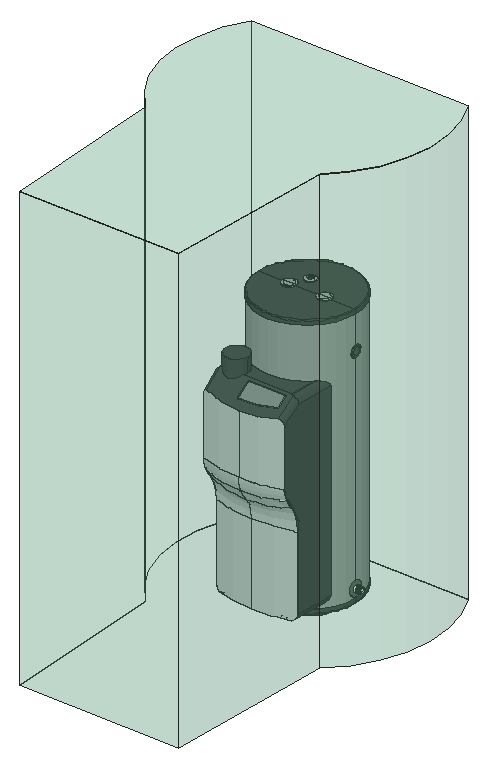
Revit family "Innovo  BENL_IR 12 160 BENL NAT", category Mechanical Equipment, Revit 2015
Parameters (values of type "IR-12-160 BENL NAT")
  Werkruimte Radius = Diameter + 170 mm  # 730 mm
  Werkruimte Hoogte = Hoogte + 1000 mm  # 2545 mm
  Werkruimte Afstand Voor = 1000 mm
  Werkruimte [instance] = yes
  Voorzorgsmaatregelen tijdens montage, installatie of onderhoud = "zie Gebruikers, Installatie, Service en Onderhouds handleiding"  # constant formula
  Voltage = 230 V  # constant formula
  Verpakkingslengte = 946 mm  # constant formula
  Verpakkingshoogte = 1695 mm
  Verpakkingsbreedte = 786 mm  # constant formula
  Uitsluitend werkend in daluren = no
  Uitschakeldruk LDS < = "115"
  Type aanduiding = "IR-12-200"
  Transportgewicht = 122 kg
  Totaal Gewicht = 322 kg
  Stilstandsverlies - dagelijks (24u) = 0 W
  Stilstandsverlies = 0 W
  Standaard Afgesteld op = "G31"
  Stand Regelthermostaat = 65 °C  # constant formula
  Soort Verpakking = "Karton en Hout"  # constant formula
  Slimme controlefunctie = no
  Setpoint thermostaat = 65 °C  # constant formula
  Seizoens Rendement (Hs) = [Rendement (Hs, vlgs. NEN-EN 89 - 1999)]  # 98
  Rendement (Hs, vlgs. NEN-EN 89 - 1999) = 98
  Rendement (Hi, vlgs. NEN-EN 89 - 1999) = 109
  Produktspecificaties Link = ""
  Produkthandleiding Link = ""
  Produkt Model Nummer (EAN-nummer) = "8717449285968"
  Onderhoudsinterval = "12 maanden"  # constant formula
  Nominale Belasting (Onderwaarde) = "10900.0"
  Nominale Belasting (Bovenwaarde) = "11800.0"
  Nominaal Vermogen = "11600.0"
  NOx-uitstoot mg/kWh = "23"
  NOx-uitstoot (lucht vrij, 0% O2) ppm = "14.0"
  Min. Stand Regelthermostaat = 40 °C  # constant formula
  Max. Werkdruk = 800000.0 Pa
  Max. Stand Regelthermostaat = 85 °C  # constant formula
  Max. Rookgastemperatuur = 45 °C
  Ledig Gewicht = 106 kg
  Kraan Hoogte 02 = if(and(Hoogte = 1745 mm, Diameter = 675 mm), 1518 mm, if(and(Hoogte = 1745 mm, Diameter = 610 mm), 1534 mm, if(Hoogte = 1545 mm, 1328 mm, 1070 mm)))  # 1328 mm
  Kraan Hoogte 01 = if(and(Diameter > 560 mm), 693 mm, 604 mm)  # 604 mm
  URL = "www.aosmith.be"
  Tapcapaciteit bij ΔT = 70°C  na 90 min. = 350.0 L
  Tapcapaciteit bij ΔT = 70°C  na 60 min. = 270.0 L
  Tapcapaciteit bij ΔT = 70°C  na 30 min. = 200.0 L
  Tapcapaciteit bij ΔT = 70°C  na 120 min. = 420.0 L
  Tapcapaciteit bij ΔT = 55°C  na 90 min. = 460.0 L
  Tapcapaciteit bij ΔT = 55°C  na 60 min. = 370.0 L
  Tapcapaciteit bij ΔT = 55°C  na 30 min. = 270.0 L
  Tapcapaciteit bij ΔT = 55°C  na 120 min. = 560.0 L
  Tapcapaciteit bij ΔT = 50°C  na 90 min. = 510.0 L
  Tapcapaciteit bij ΔT = 50°C  na 60 min. = 410.0 L
  Tapcapaciteit bij ΔT = 50°C  na 30 min. = 310.0 L
  Tapcapaciteit bij ΔT = 50°C na 120 min. = 610.0 L
  Tapcapaciteit bij ΔT = 44°C na 120 min. = 590.0 L
  Tapcapaciteit bij ΔT = 44°C  na 90 min. = 470.0 L
  Tapcapaciteit bij ΔT = 44°C  na 60 min. = 360.0 L
  Tapcapaciteit bij ΔT = 44°C  na 30 min. = 710.0 L
  Tapcapaciteit bij ΔT = 28°C na 90 min. = 950.0 L
  Tapcapaciteit bij ΔT = 28°C na 60 min. = 760.0 L
  Tapcapaciteit bij ΔT = 28°C na 30 min. = 580.0 L
  Tapcapaciteit bij ΔT = 28°C na 120 min. = 1200.0 L
  Tapcapaciteit Continu bij ΔT = 70°C = 150.0 L/s
  Tapcapaciteit Continu bij ΔT = 55°C = 190.0 L/s
  Tapcapaciteit Continu bij ΔT = 50°C = 210.0 L/s
  Tapcapaciteit Continu bij ΔT = 44°C = 240.0 L/s
  Tapcapaciteit Continu bij ΔT = 28°C = 370.0 L/s
  Opwarmtijd bij ΔT = 70°C = "65"
  Opwarmtijd bij ΔT = 55°C = "52"
  Opwarmtijd bij ΔT = 50°C = "47"
  Opwarmtijd bij ΔT = 44°C = "41"
  Opwarmtijd bij ΔT = 28°C = "27"
  Model = "IR-12-200 BENL LP"
  Manufacturer = "A.O. Smith Water Products Company b.v."  # constant formula
  Length = 780 mm  # constant formula
  Jaarlijks elektriciteitsverbruik (2) = "-"
  Jaarlijks elektriciteitsverbruik (1) = "40 kWh"
  Jaarlijks brandstofverbruik (2) = "-"
  Jaarlijks brandstofverbruik (1) = "16 GJ GCV"
  Isolatiedikte = 50 mm
  Installatie Typen = "B23/C13/C33/C43/C53/C63"  # constant formula
  Inhoud = 200.0 L
  Hoogte Warm Water Uitlaat = 1545 mm
  Hoogte Rookgasafvoer = 1305 mm
  Hoogte Lucht Inlaat = 1305 mm
  Hoogte Koud Water Inlaat = 170 mm
  Hoogte Gas Aansluiting = 860 mm
  Hoogte = 1545 mm
  Handelsmerk = "A.O. Smith"  # constant formula
  Geluidsniveau dB (A) = "<45"  # constant formula
  Geluidsniveau binnen = "41 dB"
  Gasverbruik - Volume ltr/hr = "n.v.t."
  Gasverbruik - Massa kg/h = "0.9"
  Gascategorie = "I2E(S)B"  # constant formula
  Gas Voordruk = "3700 Pa"
  Gas Aansluiting = 15"  # constant formula
  Garrantie op Tank = "36 maanden"  # constant formula
  Garrantie op Onderdelen = "12 maanden"  # constant formula
  Frequentie = 50 Hz  # constant formula
  Fase = 1
  Fabrikantnummer = "E 7110"  # constant formula
  Energie-efficiëntieklasse voor waterverwarming (2) = "-"
  Energie-efficiëntieklasse voor waterverwarming (1) = "A"  # constant formula
  Energie-efficiëntie voor waterverwarming (2) = "-"
  Energie-efficiëntie voor waterverwarming (1) = "94%"
  Elektrisch Vermogen (piek) = 85 W
  Elektrisch Vermogen (nominaal) = 25 W
  Diameter Schoorsteen - parallel systeem = "2x80"  # constant formula
  Diameter Schoorsteen - concentrisch systeem = "80/125 mm/mm"  # constant formula
  Diameter Schoorsteen - boiler = "80/125 mm/mm"  # constant formula
  Diameter = 560 mm
  Description = "Condenserende Hoog Rendementsboiler"  # constant formula
  Created By = "http://www.cadcompany.nl/"
  Capaciteitsprofiel = "XL"
  CO2-uitstoot (tol. +/- 1.0) vol% = "10.0"
  CE-PIN = "0063CQ3037"  # constant formula
  Breedte = Diameter  # 560 mm
  Bestemming / Land = "BelgIë"  # constant formula
  BIM Content Developer = "CAD & Company"  # constant formula
  Assembly Code = "D3010"
  Ander capaciteitsprofiel = "-"
  Aansluiting Warm Water = 3/4"
  Aansluiting T&P = 3/4"
  Aansluiting Koud Water = 3/4"  # constant formula
  Aansluiting Condensafvoer = 40 mm  # constant formula
  Aansluiting Aftapkraan = 3/4"  # constant formula
  2e Onderhoud (algeheel onderhoud) = "12 maanden na installatie"  # constant formula
  1e Onderhoud (check-up) = "3 maanden na installatie"  # constant formula
Reference planes
  plane 1 "Center (Front/Back)": y = 0
  plane 2: z = 0
  plane 3 "Center (Left/Right)": x = 0
  plane 4 "Pipe": through (-383.901, 912.349, 194.799) normal (-0.0879, -0.0879, 0.9923)
  plane 5 "footing": y = 118.925
  plane 6 "footing front": y = -237.85
  plane 7: x = -280
  plane 8: x = 280
  plane 9: z = 1545
Forms (mm)
  Revolve 1, solid, material "RAL 9005", detail levels medium+fine
    sketch origin (0, -237.85, 0) x (-1, 0, 0) y (0, 0, 1)
      loop
        line (0, 28.9) -> (-15, 28.9) -> (-15, 26.4) -> (-8.671, 26.4) -> (-8.671, 18) -> (-5.686, 18) -> (-6.626, 17.06) -> (-6.626, 12.06) -> (-8.671, 12.06) -> (-8.671, 10) -> (-10.031, 10) -> (-23.271, 5.181)
        arc (-23.271, 5.181) -> (-23.763, 4.836) -> (-24.017, 4.293) r 1.159
        line (-24.017, 4.293) -> (-24.017, 1.03)
        arc (-24.017, 1.03) -> (-23.715, 0.302) -> (-22.986, 0) r 1.03
        line (-22.986, 0) -> (0, 0) -> (0, 28.9)
      axis (0, 28.9) -> (0, 0)
    angle from 0 to 360
  Revolve 2, solid, material "RAL 9005", detail levels medium+fine
    sketch origin (0, 118.925, 0) x (-1, 0, 0) y (0, 0, 1)
      loop
        line (-180.984, 28.9) -> (-195.984, 28.9) -> (-195.984, 26.4) -> (-189.655, 26.4) -> (-189.655, 18) -> (-186.67, 18) -> (-187.61, 17.06) -> (-187.61, 12.06) -> (-189.655, 12.06) -> (-189.655, 10) -> (-191.015, 10) -> (-204.256, 5.181)
        arc (-204.256, 5.181) -> (-204.747, 4.836) -> (-205.001, 4.293) r 1.159
        line (-205.001, 4.293) -> (-205.001, 1.03)
        arc (-205.001, 1.03) -> (-204.699, 0.302) -> (-203.971, 0) r 1.03
        line (-203.971, 0) -> (-180.984, 0) -> (-180.984, 28.9)
      axis (-180.984, 28.9) -> (-180.984, 0)
    angle from 0 to 360
  Revolve 3, solid, material "RAL 9005", detail levels medium+fine
    sketch origin (0, 118.925, 0) x (-1, 0, 0) y (0, 0, 1)
      loop
        line (179.016, 28.9) -> (164.016, 28.9) -> (164.016, 26.4) -> (170.345, 26.4) -> (170.345, 18) -> (173.33, 18) -> (172.39, 17.06) -> (172.39, 12.06) -> (170.345, 12.06) -> (170.345, 10) -> (168.985, 10) -> (155.744, 5.181)
        arc (155.744, 5.181) -> (155.253, 4.836) -> (154.999, 4.293) r 1.159
        line (154.999, 4.293) -> (154.999, 1.03)
        arc (154.999, 1.03) -> (155.301, 0.302) -> (156.029, 0) r 1.03
        line (156.029, 0) -> (179.016, 0) -> (179.016, 28.9)
      axis (179.016, 28.9) -> (179.016, 0)
    angle from 0 to 360
Lines and regions (mm)
  symbolic lines
    curve 1: line (0, 280.06, 0) -> (0, -280.06, 0)
    curve 2: line (-255.06, 0, 0) -> (255.06, 0, 0)
  symbolic lines, style "Workspace"
    curve 3: line (623.261, 380.06, 0) -> (-623.261, 380.06, 0)
    curve 4: arc (-623.261, 380.06, 0) -> (-726.942, -66.745, 0) -> (-543.632, -487.2, 0) r 730
    curve 5: line (-543.632, -487.2, 0) -> (-396.783, -1492.825, 0)
    curve 6: line (-396.783, -1492.825, 0) -> (399.03, -1492.825, 0)
    curve 7: line (399.03, -1492.825, 0) -> (545.76, -484.816, 0)
    curve 8: arc (545.76, -484.816, 0) -> (727.087, -65.154, 0) -> (623.261, 380.06, 0) r 730
Dimensions and locks
  plane 5 "footing" to plane 1 "Center (Front/Back)" = 118.925 mm
  plane 1 "Center (Front/Back)" to plane 6 "footing front" = 237.85 mm
  "Diameter": plane 7 to plane 8
  equal spacing: plane 7, plane 3 "Center (Left/Right)", plane 8
  "Hoogte": plane 9 to plane 2
  "Werkruimte Afstand Voor": curve 6 to nested 3
  "Werkruimte Radius": radius of curve 4
  "Werkruimte Radius": radius of curve 8
  aligned and locked: level to plane 2
  aligned and locked: nested 3 to Revolve 1 sketch curve
  aligned and locked: plane 3 "Center (Left/Right)" to Revolve 1 sketch curve
  aligned and locked: nested 3 to plane 1 "Center (Front/Back)"
  aligned and locked: plane 3 "Center (Left/Right)" to nested 3
  aligned and locked: nested 1 to plane 8
  aligned and locked: nested 5 to plane 8
  aligned and locked: nested 2 to plane 7
  aligned and locked: nested 4 to plane 7
  aligned and locked: nested 7 to plane 7
  aligned and locked: nested 8 to plane 3 "Center (Left/Right)"
  aligned and locked: nested 8 to nested 3
  aligned and locked: curve 3 to nested 8
Automatic sketch dimensions
  Revolve 1 sketch curve to level = 0 mm
  plane 3 "Center (Left/Right)" to Revolve 1 sketch curve = 5.686 mm
  Revolve 1 sketch curve to Revolve 1 sketch curve = 0.94 mm  (x2)
  Revolve 1 sketch curve to Revolve 1 sketch curve = 2.046 mm  (x2)
  Revolve 1 sketch curve to Revolve 1 sketch curve = 1.359 mm
  Revolve 1 sketch curve to Revolve 1 sketch curve = 6.329 mm
  level to Revolve 1 sketch curve = 4.091 mm
  Revolve 1 sketch curve to Revolve 1 sketch curve = 12.844 mm
  level to Revolve 1 sketch curve = 1.03 mm
  Revolve 1 sketch curve to Revolve 1 sketch curve = 0.111 mm
  level to Revolve 1 sketch curve = 5.181 mm
  Revolve 1 sketch curve to Revolve 1 sketch curve = 0.745 mm
  level to Revolve 1 sketch curve = 10 mm
  Revolve 1 sketch curve to Revolve 1 sketch curve = 2.06 mm
  Revolve 1 sketch curve to Revolve 1 sketch curve = 5 mm
  Revolve 1 sketch curve to Revolve 1 sketch curve = 8.4 mm
  Revolve 1 sketch curve to Revolve 1 sketch curve = 2.5 mm
  Revolve 1 sketch curve to level = 19.635 mm
  Revolve 1 sketch curve to Revolve 1 sketch curve = 46.465 mm
  Revolve 2 sketch curve to level = 0 mm
  level to Revolve 2 sketch curve = 1.03 mm
  Revolve 2 sketch curve to plane 8 = 74.999 mm
  level to Revolve 2 sketch curve = 5.181 mm
  Revolve 2 sketch curve to Revolve 2 sketch curve = 0.745 mm
  Revolve 2 sketch curve to Revolve 2 sketch curve = 0.397 mm
  Revolve 2 sketch curve to Revolve 2 sketch curve = 8.271 mm
  Revolve 2 sketch curve to Revolve 2 sketch curve = 13.241 mm
  Revolve 2 sketch curve to Revolve 2 sketch curve = 1.359 mm
  Revolve 2 sketch curve to Revolve 2 sketch curve = 6.329 mm
  Revolve 2 sketch curve to Revolve 2 sketch curve = 2.046 mm
  level to Revolve 2 sketch curve = 18 mm
  Revolve 2 sketch curve to Revolve 2 sketch curve = 0.94 mm  (x2)
  Revolve 2 sketch curve to Revolve 2 sketch curve = 8.671 mm
  Revolve 2 sketch curve to Revolve 2 sketch curve = 1.089 mm
  Revolve 2 sketch curve to Revolve 2 sketch curve = 8 mm
  Revolve 2 sketch curve to Revolve 2 sketch curve = 2.06 mm
  Revolve 2 sketch curve to Revolve 2 sketch curve = 8.4 mm
  Revolve 2 sketch curve to Revolve 2 sketch curve = 2.5 mm
  Revolve 2 sketch curve to Revolve 2 sketch curve = 0 mm
  Revolve 2 sketch curve to level = 19.635 mm
  Revolve 2 sketch curve to Revolve 2 sketch curve = 46.465 mm
  Revolve 3 sketch curve to level = 0 mm
  level to Revolve 3 sketch curve = 1.03 mm
  Revolve 3 sketch curve to plane 7 = 125.001 mm
  level to Revolve 3 sketch curve = 5.181 mm
  Revolve 3 sketch curve to Revolve 3 sketch curve = 0.745 mm
  Revolve 3 sketch curve to Revolve 3 sketch curve = 0.397 mm
  Revolve 3 sketch curve to Revolve 3 sketch curve = 8.271 mm
  Revolve 3 sketch curve to Revolve 3 sketch curve = 13.241 mm
  Revolve 3 sketch curve to Revolve 3 sketch curve = 1.359 mm
  Revolve 3 sketch curve to Revolve 3 sketch curve = 6.329 mm
  Revolve 3 sketch curve to Revolve 3 sketch curve = 2.046 mm
  level to Revolve 3 sketch curve = 18 mm
  Revolve 3 sketch curve to Revolve 3 sketch curve = 0.94 mm  (x2)
  Revolve 3 sketch curve to Revolve 3 sketch curve = 8.671 mm
  Revolve 3 sketch curve to Revolve 3 sketch curve = 1.089 mm
  Revolve 3 sketch curve to Revolve 3 sketch curve = 8 mm
  Revolve 3 sketch curve to Revolve 3 sketch curve = 2.06 mm
  Revolve 3 sketch curve to Revolve 3 sketch curve = 8.4 mm
  Revolve 3 sketch curve to Revolve 3 sketch curve = 2.5 mm
  Revolve 3 sketch curve to Revolve 3 sketch curve = 0 mm
  Revolve 3 sketch curve to level = 19.635 mm
  Revolve 3 sketch curve to Revolve 3 sketch curve = 46.465 mm
  curve 4 to curve 8 = 0 mm  (x2)
  plane 1 "Center (Front/Back)" to curve 2 = 0 mm
  curve 1 to plane 3 "Center (Left/Right)" = 0 mm
  plane 1 "Center (Front/Back)" to curve 4 = 0 mm
  curve 4 to plane 3 "Center (Left/Right)" = 0 mm
  curve 5 to plane 6 "footing front" = 249.35 mm
  plane 7 to curve 5 = 116.783 mm
  plane 8 to curve 7 = 119.03 mm
  curve 7 to plane 6 "footing front" = 246.966 mm
  curve 2 to plane 7 = 24.94 mm
  curve 2 to plane 8 = 24.94 mm
  curve 1 to plane 6 "footing front" = 42.21 mm
  plane 5 "footing" to curve 1 = 161.135 mm
Nested families
  nested 1: "Valve" at (280, -0.38, 1328) x (0, 1, 0) z (0, 0, 1), built-in parameter 1001364 <- "Kraan Hoogte 02", type "Valve"
  nested 2: "Drain Valve" at (-280, 0, 1328), built-in parameter 1001364 <- "Kraan Hoogte 02", type "Drain Valve"
  nested 3: "Housing Mother Housing S 57 (external)" at (0, -274.886, 0), type "Housing Mother_Housing S_57"
  nested 4: "Drain Valve" at (-280, 0, 177), type "Drain Valve"
  nested 5: "Drain Valve" at (280, 0, 107) x (-1, 0, 0) z (0, 0, 1), type "Drain Valve"
  nested 6: "Boiler" at (0, 0, 0), height <- "Hoogte", type "Boiler"
    with height 1545 mm
  nested 7: "Drain Valve" at (-280, 0, 604), built-in parameter 1001364 <- "Kraan Hoogte 01", type "Drain Valve"
  nested 8: "Innovo_workspace" at (0, 0, 0), Workspace <- "Werkruimte", Workspace Distance Front <- "Werkruimte Afstand Voor", Workspace Height <- "Werkruimte Hoogte", Workspace Radius <- "Werkruimte Radius", type "Workspace"
    with Workspace Radius 730 mm, Workspace Height 2545 mm, Workspace Distance Front 1000 mm, Workspace yes, Center to Front 492.825 mm
Connectors
  piping at (314.826, 0, 107), diameter 19.05, driven by "Aansluiting Aftapkraan"
    settings: on nested 5, index 1, connector inside diameter 24", connector length 0 mm, flow factor 0, pipe flow 0.0 L/s, pressure drop 0.0 Pa, fitting loss kfactor 0, connector angle 0.00°, fixture units 0, engagement length 0 mm, angle of deflection 0.00°, flow configuration 0, flow direction 0, fitting loss method 0, system type 19, joint type 0, gender type 0, connector reference index -1, connector utility 0, adjustable connector no, is connector primary yes, connector description ""
  hvac at (-147.013, -321.326, 1310.674)
    settings: on nested 3, index 2, duct flow 0.0 L/s, flow factor 0, pres drop 0.0 Pa, loss coef 0, conn angle 0.00°, conn width 304.8 mm, conn height 304.8 mm, conn diameter 125 mm, duct sys type 4, conn prof type 0, flow config 0, flow direction 0, loss method 0, conn ref index -1, conn util no, is conn primary yes, conn desc ""
Definition of nested family "Valve"
  Parameters (values of type "Valve")
    Type Comments = "T&P valve (internal)"
    Manufacturer = "A.O. Smith"
  Reference planes
    plane 1 "Center (Front/Back)": y = 0
    plane 2: z = 0
    plane 3 "Center (Left/Right)": x = 0
  Forms (mm)
    Extrusion 1, solid, detail levels fine
      sketch origin (0, 0, 0) x (1, 0, 0) y (0, 0, 1)
        loop
          circle (0, 0) r 31.5
      from -2.271 to 1.4
    Sweep 2, solid, detail levels fine
      path origin (0, -1.4, 0) x (1, 0, 0) y (0, 0, 1)
        loop
          circle (0, 0) r 31.5
      profile origin (0, -1.4, 31.5) x (0, 0, -1) y (0, -1, 0)
        loop
          line (7.3, 0) -> (7.3, 3) -> (0, 0) -> (7.3, 0)
  Dimensions and locks
    aligned and locked: level to plane 2
Definition of nested family "Drain Valve"
  Reference planes
    plane 1 "Center (Front/Back)": y = 0
    plane 2: z = 0
    plane 3 "Center (Left/Right)": x = 0
  Forms (mm)
    Revolve 1, solid, detail levels medium+fine
      sketch origin (0, 0, 0) x (1, 0, 0) y (0, 0, 1)
        loop
          line (-33.442, 15.696) -> (-34.826, 14.329) -> (-34.93, 12.731) -> (-16.555, 12.731) -> (-16.555, 0) -> (15.787, 0) -> (15.787, 18.3) -> (-14.4, 18.3) -> (-17.148, 15.533) -> (-18.729, 16.697) -> (-20.091, 15.333) -> (-21.672, 16.496) -> (-23.034, 15.133) -> (-24.614, 16.296) -> (-25.976, 14.932) -> (-27.557, 16.096) -> (-28.919, 14.732) -> (-30.5, 15.896) -> (-31.862, 14.532) -> (-33.442, 15.696)
        axis (-34.93, 0) -> (15.787, 0)
      angle from 0 to 360
  Dimensions and locks
    aligned and locked: level to plane 2
  Nested families
    nested 1: "Rubber sealing" at (2.592, -0.155, 0) x (0.0023, -1, 0) z (0, 0, 1), type "Rubber sealing", detail levels fine
  Definition of nested family "Rubber sealing"
    Reference planes
      plane 1 "Center (Front/Back)": y = 0
      plane 2: z = 0
      plane 3 "Center (Left/Right)": x = 0
    Forms (mm)
      Extrusion 1, solid, detail levels fine
        sketch origin (141.861, 319.581, 0) x (1, 0, 0) y (0, 1, 0)
          loop
            line (-216.354, -311.898) -> (-216.354, -313.94)
            arc (-216.354, -313.94) -> (-141.602, -321.581) -> (-66.861, -313.835) r 366.966
            line (-66.861, -313.835) -> (-66.861, -311.791)
            arc (-66.861, -311.791) -> (-141.602, -319.581) -> (-216.354, -311.898) r 364.966
        from -80 to 80
      Extrusion 2, void
        sketch origin (141.861, 319.581, 0) x (1, 0, 0) y (0, 0, 1)
          loop
            circle (-141.861, 0) r 13
          loop
            circle (-141.861, 0) r 110
          loop
            circle (-141.861, 0) r 40
        from 311.563 to 332.684
      Extrusion 3, void
        sketch origin (141.861, 319.581, 0) x (1, 0, 0) y (0, 0, 1)
          loop
            circle (-141.861, 0) r 18.25
        from 315.524 to 326.084
    Cuts and joins
      Extrusion 2, Extrusion 3 cuts Extrusion 1
    Dimensions and locks
      aligned and locked: level to plane 2
Definition of nested family "Housing Mother Housing S 57 (external)"
  Parameters (values of type "Housing Mother_Housing S_57")
    radius [instance] = 280 mm
    distance to boiler center = if(diameter = 675 mm, 189 mm, if(diameter = 610 mm, 154 mm, 129 mm))  # 129 mm
    diameter = 560 mm
  Reference planes
    plane 1 "Center (Front/Back)": y = 0
    plane 2: z = 0
    plane 3 "Center (Left/Right)": x = 0
    plane 4 "left": through (-245.286, 145.886, 1200) normal (0.9994, 0.0349, 0)
    plane 5: y = -217.939
    plane 6: y = 145.886
    plane 7: z = 1232.6
    plane 8: z = 65.89
    plane 9 "right": through (245.286, 145.886, 1200) normal (0.9994, -0.0349, 0)
    plane 10 "display": through (0, -90.37, 1221.196) normal (0, -0.5736, 0.8192)
    plane 11 "Potentiostat": z = 867.899
    plane 12 "boiler center": y = 274.886
    plane 13: x = -280
    plane 14: x = 280
  Forms (mm)
    Extrusion 1, solid
      sketch origin (0, 0, 0) x (1, 0, 0) y (0, 1, 0)
        loop
          line (-245.286, 145.886) -> (-232.581, -217.939) -> (232.581, -217.939) -> (245.286, 145.886)
          arc (245.286, 145.886) -> (0, 0.923) -> (-245.286, 145.886) r 280
      from 0 to 1232.6
    Sweep 2, void
      path origin (0, 0, 0) x (0, 1, 0) y (0, 0, 1)
        loop
          line (-217.939, 1232.6) -> (-217.939, 795.555)
          arc (-217.939, 795.555) -> (-212.387, 754.285) -> (-197.694, 715.322) r 183.924
          arc (-197.694, 715.322) -> (-179.915, 684.628) -> (-159.106, 655.901) r 348.284
          arc (-159.106, 655.901) -> (-131.411, 600.328) -> (-121.88, 538.973) r 202.254
          line (-121.88, 538.973) -> (-121.88, 61.106)
      profile origin (0, -217.939, 1014.077) x (1, 0, 0) y (0, 1, 0)
        loop
          arc (0, 0) -> (-117.533, 9.941) -> (-231.728, 39.475) r 699.984
          arc (-231.728, 39.475) -> (-233.391, 40.705) -> (-234.07, 42.659) r 3.505
          line (-234.07, 42.659) -> (-254.062, 42.659) -> (-254.062, -142.593) -> (254.07, -142.593) -> (254.07, 42.659) -> (234.07, 42.659)
          arc (234.07, 42.659) -> (233.391, 40.705) -> (231.728, 39.475) r 3.505
          arc (231.728, 39.475) -> (117.533, 9.941) -> (0, 0) r 699.984
    Extrusion 3, void
      sketch origin (0, 0, 0) x (0, 1, 0) y (0, 0, 1)
        loop
          arc (102.864, 70.869) -> (99.804, 70.709) -> (96.874, 69.813) r 12.57
          arc (96.874, 69.813) -> (87.878, 66.533) -> (78.516, 64.529) r 69.114
          arc (78.516, 64.529) -> (76.41, 64.284) -> (74.294, 64.148) r 41.206
          arc (74.294, 64.148) -> (65.203, 64.335) -> (56.122, 64.782) r 318.661
          arc (56.122, 64.782) -> (30.585, 66.179) -> (5.028, 67.128) r 1456.581
          line (5.028, 67.128) -> (-84.534, 73.135)
          arc (-84.534, 73.135) -> (-86.363, 73.808) -> (-87.536, 75.365) r 3.455
          line (-87.536, 75.365) -> (-264.473, 75.365) -> (-264.473, 0) -> (160.886, 0) -> (160.886, 103.945) -> (145.886, 103.945)
          arc (145.886, 103.945) -> (145.104, 97.827) -> (142.923, 92.059) r 26.364
          arc (142.923, 92.059) -> (141.067, 88.936) -> (138.867, 86.045) r 31.715
          arc (138.867, 86.045) -> (135.576, 82.49) -> (132.021, 79.2) r 62.615
          arc (132.021, 79.2) -> (125.841, 74.697) -> (119.091, 71.103) r 54.444
          arc (119.091, 71.103) -> (116.371, 70.272) -> (113.531, 70.123) r 11.669
          line (113.531, 70.123) -> (102.864, 70.869)
      from -254.062 to 254.07
    Sweep 4, void
      path origin (0, 0, 0) x (1, 0, 0) y (0, 1, 0)
        loop
          line (-245.286, 145.886) -> (-232.581, -217.939)
      profile origin (-238.933, -36.027, 0) x (0.999391, 0.034899, 0) y (0, 0, 1)
        loop
          line (-4.454, 0) -> (47.084, 0) -> (47.084, 73.431)
          arc (47.084, 73.431) -> (14.222, 85.134) -> (0.255, 117.1) r 43.922
          line (0.255, 117.1) -> (-4.454, 117.1) -> (-4.454, 0)
    Sweep 5, void
      path origin (0, 0, 0) x (-1, 0, 0) y (0, 1, 0)
        loop
          line (-245.286, 145.886) -> (-232.581, -217.939)
      profile origin (238.933, -36.027, 0) x (0.999391, -0.034899, 0) y (0, 0, 1)
        loop
          line (4.454, 0) -> (4.454, 117.1) -> (-0.255, 117.1)
          arc (-0.255, 117.1) -> (-14.222, 85.134) -> (-47.084, 73.431) r 43.922
          line (-47.084, 73.431) -> (-47.084, 0) -> (4.454, 0)
    Sweep 6, void
      path origin (-239.899, -8.377, 0) x (-0.034899, 0.999391, 0) y (0, 0, 1)
        loop
          line (-209.69, 1141.272) -> (-79.18, 1232.6) -> (154.358, 1232.6)
      profile origin (-241.211, 29.188, 1232.6) x (0, 0, 1) y (0.999391, 0.034899, 0)
        loop
          line (-45, -30) -> (75, -30) -> (75, 0) -> (75, 55) -> (2.799, 55) -> (-1.253, 35.128)
          arc (-1.253, 35.128) -> (-16.771, 9.564) -> (-45, -0.308) r 44.287
          line (-45, -0.308) -> (-45, -30)
    Sweep 7, void
      path origin (239.899, -8.377, 0) x (0.034899, 0.999391, 0) y (0, 0, 1)
        loop
          line (-209.69, 1141.272) -> (-79.18, 1232.6) -> (154.358, 1232.6)
      profile origin (241.211, 29.188, 1232.6) x (0, 0, -1) y (-0.999391, 0.034899, 0)
        loop
          line (-75, -25) -> (45, -25) -> (45, -0.308)
          arc (45, -0.308) -> (16.771, 9.564) -> (1.253, 35.128) r 44.287
          line (1.253, 35.128) -> (-2.799, 55) -> (-75, 55) -> (-75, -25)
    Extrusion 8, void
      sketch origin (0, 0, 0) x (0, 1, 0) y (0, 0, 1)
        loop
          line (-270, 1336.099) -> (-270, 1099.081) -> (68.497, 1336.099) -> (-270, 1336.099)
      from -425.038 to 444.42
    Extrusion 9, solid, detail levels medium+fine
      sketch origin (0, 0, 0) x (1, 0, 0) y (0, 1, 0)
        loop
          circle (-147.013, -46.44) r 65
      from 1163.174 to 1310.674
    Extrusion 10, void
      sketch origin (0, -603.506, 861.895) x (0, 0.819152, 0.573576) y (-1, 0, 0)
        loop
          arc (618.322, -173) -> (623.272, -170.95) -> (625.322, -166) r 7
          line (625.322, -166) -> (625.322, 35)
          arc (625.322, 35) -> (623.272, 39.95) -> (618.322, 42) r 7
          line (618.322, 42) -> (535.473, 42)
          arc (535.473, 42) -> (530.688, 40.11) -> (528.488, 35.46) r 7
          arc (528.488, 35.46) -> (531.569, -67.592) -> (554.18, -168.18) r 540
          arc (554.18, -168.18) -> (556.724, -171.668) -> (560.831, -173) r 7
          line (560.831, -173) -> (618.322, -173)
      from 0 to 137.286
    Sweep 11, solid, detail levels fine
      path origin (0, 0, 867.899) x (-1, 0, 0) y (0, -1, 0)
        loop
          line (309.749, -35.617) -> (204.371, -35.617)
          arc (204.371, -35.617) -> (196.509, -34.687) -> (189.082, -31.947) r 33.677
          line (189.082, -31.947) -> (-9.574, 69.274)
      profile origin (-257.06, 35.617, 867.899) x (0, 1, 0) y (0, 0, 1)
        loop
          circle (0, 0) r 7.316
        loop
          circle (0, 0) r 6.465
    Revolve 12, void
      sketch origin (0, 274.886, 0) x (-1, 0, 0) y (0, 0, 1)
        loop
          line (280, 1243.838) -> (0, 1243.838) -> (0, 54.9) -> (280, 54.9) -> (280, 1243.838)
        axis (0, 1243.838) -> (0, 54.9)
      angle from 0 to 360
  Cuts and joins
    Sweep 2, Extrusion 3, Sweep 4, Sweep 5, Sweep 6, Sweep 7, Extrusion 8, Extrusion 10, Revolve 12 cuts Extrusion 1
  Dimensions and locks
    plane 8 to plane 2 = 65.89 mm
    plane 7 to plane 8 = 1166.71 mm
    "distance to boiler center": plane 12 "boiler center" to plane 6
    "diameter": plane 14 to plane 13
    equal spacing: plane 14, plane 3 "Center (Left/Right)", plane 13
    "radius": plane 3 "Center (Left/Right)" to plane 13
    aligned and locked: level to plane 2
    aligned and locked: Extrusion 1 to plane 7
    aligned and locked: Extrusion 1 sketch curve to plane 5
    aligned and locked: Sweep 2 to Extrusion 3
    aligned and locked: Extrusion 3 to Sweep 2  (x2)
    aligned and locked: plane 7 to Sweep 2 sketch curve
    aligned and locked: plane 3 "Center (Left/Right)" to Revolve 12 sketch curve
    aligned and locked: Revolve 12 sketch curve to plane 3 "Center (Left/Right)"
    aligned and locked: plane 13 to Revolve 12 sketch curve
  Automatic sketch dimensions
    Extrusion 1 sketch curve to plane 4 "left" = 0 mm  (x2)
    Extrusion 1 sketch curve to plane 6 = 0 mm  (x2)
    Extrusion 1 sketch curve to plane 3 "Center (Left/Right)" = 0 mm
    Extrusion 1 sketch curve to plane 9 "right" = 0 mm
    plane 6 to Extrusion 1 sketch curve = 135.037 mm
    Sweep 2 sketch curve to plane 5 = 0 mm
    plane 5 to Sweep 2 sketch curve = 106.195 mm
    Sweep 2 sketch curve to plane 5 = 96.059 mm
    plane 1 "Center (Front/Back)" to Sweep 2 sketch curve = 34.053 mm
    plane 11 "Potentiostat" to Sweep 2 sketch curve = 6.417 mm
    Sweep 2 sketch curve to plane 6 = 33.705 mm
    Sweep 2 sketch curve to plane 11 "Potentiostat" = 68.615 mm
    Sweep 2 sketch curve to plane 11 "Potentiostat" = 72.345 mm
    Sweep 2 sketch curve to Sweep 2 sketch curve = 176.349 mm
    Sweep 2 sketch curve to Sweep 2 sketch curve = 0 mm  (x2)
    plane 8 to Sweep 2 sketch curve = 4.784 mm
    Extrusion 3 sketch curve to level = 0 mm
    Extrusion 3 sketch curve to plane 6 = 0 mm
    Extrusion 3 sketch curve to plane 6 = 26.363 mm
    Extrusion 3 sketch curve to Extrusion 3 sketch curve = 4.75 mm
    Extrusion 3 sketch curve to Extrusion 3 sketch curve = 5.179 mm
    Extrusion 3 sketch curve to plane 8 = 4.232 mm
    Extrusion 3 sketch curve to Extrusion 3 sketch curve = 0.814 mm
    Extrusion 3 sketch curve to plane 8 = 4.978 mm
    Extrusion 3 sketch curve to Extrusion 3 sketch curve = 10.667 mm
    Extrusion 3 sketch curve to Extrusion 3 sketch curve = 0.877 mm
    Extrusion 3 sketch curve to Extrusion 3 sketch curve = 17.827 mm
    Extrusion 3 sketch curve to Extrusion 3 sketch curve = 5.646 mm
    Extrusion 3 sketch curve to plane 6 = 69.562 mm
    Extrusion 3 sketch curve to Extrusion 3 sketch curve = 18.6 mm
    Extrusion 3 sketch curve to Extrusion 3 sketch curve = 22.538 mm
    Extrusion 3 sketch curve to plane 8 = 1.238 mm
    Extrusion 3 sketch curve to plane 1 "Center (Front/Back)" = 5.028 mm
    plane 1 "Center (Front/Back)" to Extrusion 3 sketch curve = 36.224 mm
    Extrusion 3 sketch curve to plane 8 = 10.692 mm
    plane 1 "Center (Front/Back)" to Extrusion 3 sketch curve = 84.302 mm
    Extrusion 3 sketch curve to plane 8 = 7.244 mm
    Extrusion 3 sketch curve to Extrusion 3 sketch curve = 0.231 mm
    Extrusion 3 sketch curve to Extrusion 3 sketch curve = 3.234 mm
    plane 5 to Extrusion 3 sketch curve = 46.534 mm
    plane 6 to Extrusion 3 sketch curve = 15 mm
    Extrusion 3 sketch curve to level = 1388.869 mm
    plane 8 to Extrusion 3 sketch curve = 7.561 mm
    Extrusion 3 sketch curve to Extrusion 3 sketch curve = 11.64 mm
    Extrusion 3 sketch curve to plane 8 = 38.054 mm
    Extrusion 3 sketch curve to Extrusion 3 sketch curve = 22.442 mm
    Extrusion 3 sketch curve to plane 8 = 39.432 mm
    Extrusion 3 sketch curve to Extrusion 3 sketch curve = 2.466 mm
    Extrusion 3 sketch curve to Extrusion 3 sketch curve = 14.17 mm
    Extrusion 3 sketch curve to Extrusion 3 sketch curve = 5.925 mm
    Extrusion 3 sketch curve to Extrusion 3 sketch curve = 6.186 mm
    Extrusion 3 sketch curve to Extrusion 3 sketch curve = 249.85 mm
    Extrusion 3 sketch curve to Extrusion 3 sketch curve = 0 mm  (x4)
    Extrusion 3 sketch curve to Extrusion 3 sketch curve = 6.845 mm
    plane 8 to Extrusion 3 sketch curve = 1.743 mm
    Sweep 4 sketch curve to plane 4 "left" = 0 mm  (x2)
    Sweep 4 sketch curve to plane 6 = 0 mm
    plane 5 to Sweep 4 sketch curve = 0 mm
    Sweep 4 sketch curve to level = 0 mm
    profile plane to Sweep 4 sketch curve = 4.454 mm
    Sweep 4 sketch curve to profile plane = 0.255 mm
    Sweep 4 sketch curve to Sweep 4 sketch curve = 43.922 mm
    Sweep 4 sketch curve to profile plane = 47.084 mm
    level to Sweep 4 sketch curve = 73.431 mm
    Sweep 4 sketch curve to Sweep 4 sketch curve = 43.669 mm
    Sweep 5 sketch curve to plane 6 = 0 mm
    Sweep 5 sketch curve to plane 9 "right" = 0 mm  (x2)
    plane 5 to Sweep 5 sketch curve = 0 mm
    Sweep 5 sketch curve to level = 0 mm
    profile plane to Sweep 5 sketch curve = 47.084 mm
    Sweep 5 sketch curve to Sweep 5 sketch curve = 2.907 mm
    profile plane to Sweep 5 sketch curve = 0.255 mm
    Sweep 5 sketch curve to profile plane = 4.454 mm
    level to Sweep 5 sketch curve = 73.431 mm
    Sweep 5 sketch curve to Sweep 5 sketch curve = 43.669 mm
    Sweep 6 sketch curve to plane 7 = 0 mm
    plane 7 to Sweep 6 sketch curve = 91.328 mm
    Sweep 6 sketch curve to Sweep 6 sketch curve = 130.509 mm
    Sweep 6 sketch curve to Sweep 6 sketch curve = 233.538 mm
    Sweep 6 sketch curve to plane 4 "left" = 0 mm
    profile plane to Sweep 6 sketch curve = 45 mm
    Sweep 6 sketch curve to Sweep 6 sketch curve = 0.354 mm
    profile plane to Sweep 6 sketch curve = 1.253 mm
    Sweep 6 sketch curve to profile plane = 2.799 mm
    Sweep 6 sketch curve to Sweep 6 sketch curve = 72.201 mm
    Sweep 6 sketch curve to plane 4 "left" = 0.308 mm
    Sweep 6 sketch curve to Sweep 6 sketch curve = 29.692 mm
    plane 4 "left" to Sweep 6 sketch curve = 35.128 mm
    plane 4 "left" to Sweep 6 sketch curve = 55 mm
    Sweep 7 sketch curve to plane 7 = 0 mm
    Sweep 7 sketch curve to plane 7 = 91.328 mm
    Sweep 7 sketch curve to Sweep 7 sketch curve = 130.509 mm
    Sweep 7 sketch curve to Sweep 7 sketch curve = 233.538 mm
    Sweep 7 sketch curve to plane 9 "right" = 25 mm
    profile plane to Sweep 7 sketch curve = 75 mm
    profile plane to Sweep 7 sketch curve = 2.799 mm
    Sweep 7 sketch curve to profile plane = 1.253 mm
    Sweep 7 sketch curve to Sweep 7 sketch curve = 43.393 mm
    Sweep 7 sketch curve to profile plane = 45 mm
    Sweep 7 sketch curve to plane 9 "right" = 0.308 mm
    plane 9 "right" to Sweep 7 sketch curve = 35.128 mm
    Sweep 7 sketch curve to Sweep 7 sketch curve = 19.872 mm
    plane 5 to Extrusion 8 sketch curve = 52.061 mm
    Extrusion 8 sketch curve to plane 1 "Center (Front/Back)" = 68.497 mm
    plane 7 to Extrusion 8 sketch curve = 133.519 mm
    Extrusion 8 sketch curve to plane 7 = 103.499 mm
    plane 1 "Center (Front/Back)" to Extrusion 9 sketch curve = 46.44 mm
    Extrusion 9 sketch curve to plane 3 "Center (Left/Right)" = 147.013 mm
    Extrusion 10 sketch curve to plane 3 "Center (Left/Right)" = 0 mm
    Extrusion 10 sketch curve to plane 3 "Center (Left/Right)" = 35 mm
    Extrusion 10 sketch curve to Extrusion 10 sketch curve = 25.359 mm
    Extrusion 10 sketch curve to Extrusion 10 sketch curve = 57.491 mm
    Extrusion 10 sketch curve to plane 3 "Center (Left/Right)" = 42 mm
    Extrusion 10 sketch curve to Extrusion 10 sketch curve = 82.85 mm
    Extrusion 10 sketch curve to Extrusion 10 sketch curve = 7 mm
    Extrusion 10 sketch curve to Extrusion 10 sketch curve = 442 mm
    plane 3 "Center (Left/Right)" to Extrusion 10 sketch curve = 166 mm
    Extrusion 10 sketch curve to Extrusion 10 sketch curve = 0 mm  (x2)
    Sweep 11 sketch curve to plane 1 "Center (Front/Back)" = 31.947 mm
    Sweep 11 sketch curve to plane 3 "Center (Left/Right)" = 189.082 mm
    Sweep 11 sketch curve to plane 1 "Center (Front/Back)" = 1.94 mm
    Sweep 11 sketch curve to Sweep 11 sketch curve = 15.289 mm
    plane 3 "Center (Left/Right)" to Sweep 11 sketch curve = 9.574 mm
    Sweep 11 sketch curve to Sweep 11 sketch curve = 105.378 mm
    plane 1 "Center (Front/Back)" to Sweep 11 sketch curve = 69.274 mm
    Sweep 11 sketch curve to Sweep 11 sketch curve = 0 mm  (x2)
    Sweep 11 sketch curve to plane 11 "Potentiostat" = 0 mm
    Sweep 11 sketch curve to profile plane = 0 mm
    plane 8 to Revolve 12 sketch curve = 10.99 mm
    Revolve 12 sketch curve to plane 7 = 11.238 mm
    Revolve 12 sketch curve to level = 366.045 mm
    Revolve 12 sketch curve to Revolve 12 sketch curve = 971.917 mm
    Sweep 2 sketch curve to plane 3 "Center (Left/Right)" = 0 mm
    profile plane to Sweep 2 sketch curve = 0 mm
    Sweep 2 sketch curve to plane 3 "Center (Left/Right)" = 0.016 mm
    Sweep 2 sketch curve to profile plane = 42.782 mm  (x2)
    Sweep 2 sketch curve to plane 3 "Center (Left/Right)" = 230.568 mm
    plane 3 "Center (Left/Right)" to Sweep 2 sketch curve = 0.016 mm
    plane 3 "Center (Left/Right)" to Sweep 2 sketch curve = 230.568 mm
    Sweep 2 sketch curve to Sweep 2 sketch curve = 3.502 mm  (x2)
    Sweep 2 sketch curve to Sweep 2 sketch curve = 20 mm
    profile plane to Sweep 2 sketch curve = 142.593 mm
    Sweep 2 sketch curve to Sweep 2 sketch curve = 0.122 mm  (x2)
    Sweep 2 sketch curve to Sweep 2 sketch curve = 657.203 mm
    Sweep 2 sketch curve to Sweep 2 sketch curve = 19.991 mm
    radius of Extrusion 9 sketch curve = 65 mm
    radius of Sweep 11 sketch curve = 7.316 mm
    radius of Sweep 11 sketch curve = 6.465 mm
  Nested families
    nested 1: "display" at (65.5, -130.939, 1192.79) x (-1, 0, 0) z (0, -0.5736, 0.8192), type "display"
  Definition of nested family "display"
    Parameters (values of type "display")
      Default Elevation = 1219.2 mm
    Reference planes
      plane 1 "Center (Front/Back)": y = 0
      plane 2: z = 0
      plane 3 "Center (Left/Right)": x = 0
    Forms (mm)
      Extrusion 1, solid, detail levels medium+fine
        sketch origin (-16.958, 11.842, -343.878) x (1, 0, 0) y (0, 0, -1)
          loop
            line (-233.523, -343.878) -> (-233.523, -346.592) -> (332.686, -346.592) -> (332.686, -343.878) -> (-233.523, -343.878)
        from -228.7 to 150.822
      Extrusion 2, void
        sketch origin (-16.958, 6.842, -343.878) x (1, 0, 0) y (0, 1, 0)
          loop
            line (-233.523, 155.822) -> (-233.523, -223.7) -> (332.686, -223.7) -> (332.686, 155.822) -> (-233.523, 155.822)
          loop
            arc (-90.542, -48.267) -> (-88.492, -53.216) -> (-83.542, -55.267) r 7
            line (-83.542, -55.267) -> (117.458, -55.267)
            arc (117.458, -55.267) -> (122.408, -53.216) -> (124.458, -48.267) r 7
            line (124.458, -48.267) -> (124.458, 34.583)
            arc (124.458, 34.583) -> (122.568, 39.368) -> (117.918, 41.568) r 7
            arc (117.918, 41.568) -> (14.866, 38.487) -> (-85.722, 15.876) r 540
            arc (-85.722, 15.876) -> (-89.21, 13.332) -> (-90.542, 9.224) r 7
            line (-90.542, 9.224) -> (-90.542, -48.267)
        from 328.878 to 363.083
    Cuts and joins
      Extrusion 2 cuts Extrusion 1
    Dimensions and locks
      aligned and locked: level to plane 2
Definition of nested family "Boiler"
  Parameters (values of type "Boiler")
    radius [instance] = 280 mm
    height [instance] = 1270 mm
    Diameter = 560 mm
  Reference planes
    plane 1 "Center (Front/Back)": y = 0
    plane 2: z = 0
    plane 3 "Center (Left/Right)": x = 0
    plane 4: z = 1243.838
    plane 5: z = 1270
    plane 6 "bottom": z = 28.9
    plane 7: z = 54.9
    plane 8 "top controle": y = 88
    plane 9: x = -280
    plane 10: x = 280
  Forms (mm)
    Revolve 1, solid
      sketch origin (0, 0, 0) x (1, 0, 0) y (0, 0, 1)
        loop
          line (0, 54.9) -> (-280, 54.9) -> (-280, 32.9)
          arc (-280, 32.9) -> (-278.828, 30.072) -> (-276, 28.9) r 4
          line (-276, 28.9) -> (0, 28.9) -> (0, 54.9)
        axis (0, 28.9) -> (0, 54.9)
      angle from 0 to 360
    Revolve 2, solid
      sketch origin (1.311, 0, 0) x (1, 0, 0) y (0, 0, 1)
        loop
          line (-278.86, 1243.838) -> (-278.86, 54.9) -> (-1.311, 54.9) -> (-1.311, 1243.838) -> (-278.86, 1243.838)
        axis (-1.311, 1243.838) -> (-1.311, 54.9)
      angle from 0 to 360
    Revolve 3, solid
      sketch origin (-9.205, 0, 377.212) x (-1, 0, 0) y (0, 0, 1)
        loop
          line (-148.904, 892.788) -> (-110.805, 892.788) -> (-110.805, 895.963) -> (-141.883, 895.963) -> (-148.904, 893.62) -> (-148.904, 892.788)
        axis (-110.805, 892.788) -> (-110.805, 895.963)
      angle from 0 to 360
    Revolve 4, solid
      sketch origin (0, 0, 718.065) x (1, 0, 0) y (0, 0, -1)
        loop
          line (0, -525.773) -> (-280, -525.773) -> (-280, -547.935)
          arc (-280, -547.935) -> (-278.828, -550.763) -> (-276, -551.935) r 4
          line (-276, -551.935) -> (0, -551.935) -> (0, -525.773)
        axis (0, -551.935) -> (0, -525.773)
      angle from 0 to 360
    Revolve 5, solid
      sketch origin (0, 88, 0) x (1, 0, 0) y (0, 0, 1)
        loop
          line (-19.051, 1270) -> (-19.051, 1271.074) -> (-32.63, 1275.604) -> (-32.63, 1271.117) -> (-37.266, 1271.117) -> (-38.383, 1270) -> (-19.051, 1270)
        axis (-50.8, 1270) -> (-50.8, 1275.604)
      angle from 0 to 360
    Revolve 6, solid
      sketch origin (-217.12, 0, 372.245) x (-1, 0, 0) y (0, 0, 1)
        loop
          line (-153.622, 897.755) -> (-115.52, 897.755) -> (-115.52, 900.93) -> (-146.626, 900.93) -> (-153.622, 898.596) -> (-153.622, 897.755)
        axis (-115.52, 897.755) -> (-115.52, 900.93)
      angle from 0 to 360
  Dimensions and locks
    "height": plane 5 to plane 2
    plane 6 "bottom" to plane 2 = 28.9 mm
    locked: plane 5 to plane 4 at 26.162
    locked: plane 1 "Center (Front/Back)" to plane 8 "top controle" at 88
    "Diameter": plane 10 to plane 9
    equal spacing: plane 10, plane 3 "Center (Left/Right)", plane 9
    "radius": plane 3 "Center (Left/Right)" to plane 9
    locked: plane 9 to Revolve 2 sketch curve at 2.452
    aligned and locked: level to plane 2
    aligned and locked: Revolve 2 sketch curve to plane 7
    aligned and locked: Revolve 2 sketch curve to plane 4
    aligned and locked: Revolve 1 sketch curve to plane 7
    aligned and locked: plane 6 "bottom" to Revolve 1 sketch curve
    aligned and locked: Revolve 4 sketch curve to plane 3 "Center (Left/Right)"
    aligned and locked: plane 5 to Revolve 4 sketch curve
    aligned and locked: Revolve 4 sketch curve to plane 4
    aligned and locked: plane 9 to Revolve 4 sketch curve
    aligned and locked: Revolve 1 sketch curve to plane 9
    aligned and locked: Revolve 2 sketch curve to plane 3 "Center (Left/Right)"
    aligned and locked: plane 3 "Center (Left/Right)" to Revolve 2 sketch curve
  Automatic sketch dimensions
    Revolve 1 sketch curve to plane 3 "Center (Left/Right)" = 0 mm  (x2)
    Revolve 1 sketch curve to Revolve 1 sketch curve = 4 mm
    Revolve 1 sketch curve to level = 40 mm
    Revolve 1 sketch curve to Revolve 1 sketch curve = 305.1 mm
    Revolve 2 sketch curve to level = 366.045 mm
    Revolve 2 sketch curve to plane 5 = 945.755 mm
    Revolve 3 sketch curve to plane 5 = 0 mm
    Revolve 3 sketch curve to plane 3 "Center (Left/Right)" = 139.699 mm
    plane 5 to Revolve 3 sketch curve = 3.175 mm
    Revolve 3 sketch curve to Revolve 3 sketch curve = 7.022 mm
    Revolve 3 sketch curve to Revolve 3 sketch curve = 31.078 mm
    Revolve 3 sketch curve to Revolve 3 sketch curve = 0.832 mm
    Revolve 3 sketch curve to Revolve 3 sketch curve = 0 mm
    Revolve 3 sketch curve to Revolve 3 sketch curve = 2.338 mm
    Revolve 3 sketch curve to Revolve 3 sketch curve = 4.487 mm
    Revolve 4 sketch curve to plane 3 "Center (Left/Right)" = 0 mm
    Revolve 4 sketch curve to Revolve 4 sketch curve = 4 mm
    Revolve 4 sketch curve to Revolve 4 sketch curve = 68.738 mm
    Revolve 4 sketch curve to Revolve 4 sketch curve = 305.1 mm
    Revolve 6 sketch curve to plane 5 = 0 mm
    plane 3 "Center (Left/Right)" to Revolve 6 sketch curve = 63.497 mm
    plane 5 to Revolve 6 sketch curve = 3.175 mm
    Revolve 6 sketch curve to Revolve 6 sketch curve = 6.997 mm
    Revolve 6 sketch curve to Revolve 6 sketch curve = 31.106 mm
    Revolve 6 sketch curve to Revolve 6 sketch curve = 0.84 mm
    Revolve 6 sketch curve to Revolve 6 sketch curve = 0 mm
    Revolve 6 sketch curve to Revolve 6 sketch curve = 7.216 mm
    Revolve 6 sketch curve to Revolve 6 sketch curve = 0.391 mm
    Revolve 5 sketch curve to Revolve 5 sketch curve = 13.578 mm
    Revolve 5 sketch curve to Revolve 5 sketch curve = 1.074 mm
    Revolve 5 sketch curve to Revolve 5 sketch curve = 12.417 mm
    Revolve 5 sketch curve to Revolve 5 sketch curve = 5.753 mm
    Revolve 5 sketch curve to plane 5 = 1.117 mm
    Revolve 5 sketch curve to Revolve 5 sketch curve = 1.117 mm
    plane 5 to Revolve 5 sketch curve = 4.396 mm
    Revolve 5 sketch curve to plane 5 = 0 mm
    Revolve 5 sketch curve to Revolve 5 sketch curve = 4.487 mm
    Revolve 5 sketch curve to plane 3 "Center (Left/Right)" = 38.383 mm
    Revolve 5 sketch curve to plane 5 = 5.604 mm
Definition of nested family "Innovo_workspace"
  Parameters (values of type "Workspace")
    Workspace Radius [instance] = 730 mm
    Workspace Height [instance] = 2270 mm
    Workspace Distance Front [instance] = 1000 mm
    Workspace [instance] = yes
    URL = "www.aosmith.nl"
    Model = ""
    Manufacturer = "A.O. Smith Water Products Company b.v."  # constant formula
    Description = ""
    Created By = ""
    Center to Front [instance] = 492.825 mm
    BIM Content Developer = "CAD & Company"  # constant formula
    Assembly Code = ""
  Reference planes
    plane 1 "Center (Front/Back)": y = 0
    plane 2: z = 0
    plane 3 "Center (Left/Right)": x = 0
    plane 4 "Pipe": through (-383.901, 912.349, 194.799) normal (-0.0879, -0.0879, 0.9923)
    plane 5 "front": y = -492.825
  Forms (mm)
    Extrusion 1, solid, visible <- "Workspace"
      sketch origin (0, 0, 0) x (1, 0, 0) y (0, 1, 0)
        loop
          line (456.53, -1492.825) -> (500.201, -531.695)
          arc (500.201, -531.695) -> (723.44, -97.643) -> (623.261, 380.06) r 730
          line (623.261, 380.06) -> (-623.261, 380.06)
          arc (-623.261, 380.06) -> (-723.227, -99.209) -> (-497.893, -533.856) r 730
          line (-497.893, -533.856) -> (-454.283, -1492.825) -> (456.53, -1492.825)
      from 0 to 2270 <- "Workspace Height"
  Lines and regions (mm)
    symbolic lines
      curve 1: line (0, 280.06, 0) -> (0, -280.06, 0)
      curve 2: line (-255.06, 0, 0) -> (255.06, 0, 0)
  Dimensions and locks
    locked: Extrusion 1 sketch curve to curve 1 at 100
    "Workspace Distance Front": plane 5 "front" to Extrusion 1
    "Center to Front": plane 1 "Center (Front/Back)" to plane 5 "front"
    "Workspace Radius": radius of Extrusion 1 sketch curve  (x2)
    aligned and locked: level to plane 2
  Automatic sketch dimensions
    plane 1 "Center (Front/Back)" to curve 2 = 0 mm
    curve 1 to plane 3 "Center (Left/Right)" = 0 mm
    plane 3 "Center (Left/Right)" to curve 2 = 255.06 mm
    curve 1 to plane 1 "Center (Front/Back)" = 280.06 mm
    curve 2 to plane 3 "Center (Left/Right)" = 255.06 mm
    plane 5 "front" to curve 1 = 212.765 mm
    Extrusion 1 sketch curve to Extrusion 1 sketch curve = 0 mm  (x2)
    plane 1 "Center (Front/Back)" to Extrusion 1 sketch curve = 0 mm
    Extrusion 1 sketch curve to plane 3 "Center (Left/Right)" = 0 mm
    Extrusion 1 sketch curve to plane 5 "front" = 41.031 mm
    Extrusion 1 sketch curve to plane 3 "Center (Left/Right)" = 454.283 mm
    plane 3 "Center (Left/Right)" to Extrusion 1 sketch curve = 456.53 mm
    Extrusion 1 sketch curve to plane 5 "front" = 38.869 mm
    Extrusion 1 sketch curve to Extrusion 1 sketch curve = 961.131 mm
